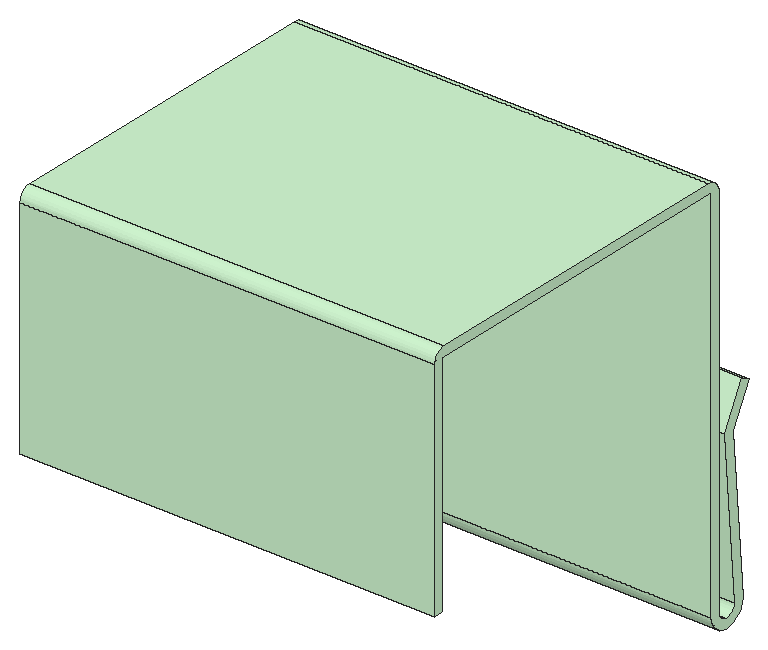
Revit family "sqspacer_w30", category 機械設備, Revit 2022
Family settings
  丸型コネクタ寸法 = 直径を使用
  種別 = なし
  パーツ タイプ = 標準
  作業面ベース = いいえ
  常に垂直 = はい
  ロード時にボイドで切り取り = いいえ
  注釈の向きを維持 = いいえ
  共有 = いいえ
  部屋計算ポイント = いいえ
Parameters
  製造元 = "株式会社桐井製作所"
  既定の高さ = 0 mm
  URL = "https://www.kirii.co.jp/"
  K_材質 = "溶融亜鉛めっき鋼板"
  K_品名 = "SQ-スペーサーW30"
  K_名称 = "SQ-BAR関連部材"
  K_入数 = "400"
  K_バージョン情報 = "20210524"
Reference planes
  plane 1 "中心(正面/背面)": y = 0
  plane 2: z = 0
  plane 3 "中心(左/右)": x = 0
Forms (mm)
  Extrusion 1, solid
    sketch origin (-17.5, 0, 0) x (0, 1, 0) y (0, 0, 1)
      loop
        line (-1.685, 34.5) -> (-29.685, 34.5)
        arc (-29.685, 34.5) -> (-30.393, 34.206) -> (-30.685, 33.498) r 1
        line (-30.685, 33.498) -> (-30.685, 14.5) -> (-29.885, 14.5) -> (-29.885, 33.7) -> (-1.485, 33.7) -> (-1.485, 1.6)
        arc (-1.485, 1.6) -> (-0.957, 0.494) -> (0.165, 0) r 1.763
        arc (0.165, 0) -> (1.286, 0.494) -> (1.815, 1.6) r 1.763
        line (1.815, 1.6) -> (0.815, 14.7) -> (2.436, 17.942) -> (1.72, 18.3) -> (0, 14.86) -> (1.013, 1.588)
        arc (1.013, 1.588) -> (0.733, 1.039) -> (0.165, 0.8) r 0.897
        arc (0.165, 0.8) -> (-0.408, 1.043) -> (-0.685, 1.6) r 0.897
        line (-0.685, 1.6) -> (-0.685, 33.5)
        arc (-0.685, 33.5) -> (-0.978, 34.207) -> (-1.685, 34.5) r 1
    from 0 to 35
Dimensions and locks
  aligned and locked: level to plane 2
